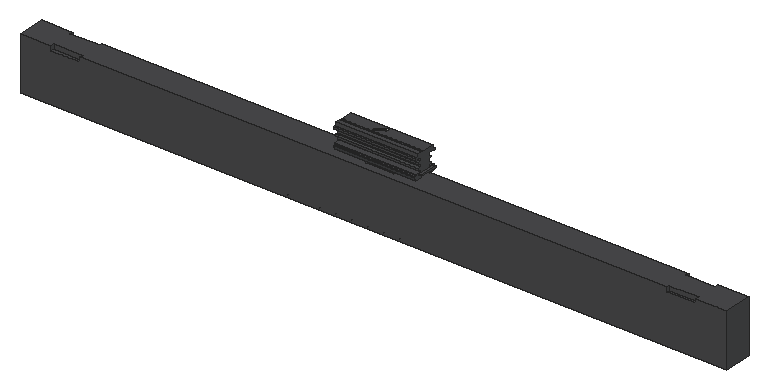
Revit family "DOT SINGLE HEAD RAIL 964_DTM40W9.5.24", category Luminarias, Revit 2019
Family settings
  Cota de conector redondo = Diámetro de uso
  Tipo de pieza = Normal
  Se basa en plano de trabajo = Sí
  Siempre vertical = Sí
  Corte con vacíos al cargar = No
  Origen de luz = Sí
  Compartido = No
  Punto de cálculo de habitación = No
Parameters (values of type "DOT SINGLE HEAD RAIL 964_DTM40W9.5.24")
  Ángulo de inclinación = 60.00°
  Zone [instance] = ""
  Watt per fixture = 40
  Wattage = 40 W
  built-in parameter 1150107 = 3000 (stored number, unit not read)
  built-in parameter 1150110 = 1 (stored number, unit not read)
  built-in parameter 1150109 = 1 (stored number, unit not read)
  built-in parameter 1150112 = 1 (stored number, unit not read)
  built-in parameter 1150113 = 1 (stored number, unit not read)
  built-in parameter 1114218 = 1 (stored number, unit not read)
  Keynote = ""
  built-in parameter 1150137 = (empty or 0)
  built-in parameter 1150132 = (empty or 0)
  Modelo = "DTM40W9.5.24"
  Lámpara = "3030SMD PHILIPS"
  built-in parameter 1150105 = 257.83 (stored number, unit not read)
  built-in parameter 1150102 = (empty or 0)
  built-in parameter 1150106 = 2.5783 (stored number, unit not read)
  Lumens = 3240 lm
  Color Filter = 16777215
  built-in parameter 1114217 = 1 (stored number, unit not read)
  built-in parameter 1150139 = (empty or 0)
  Fabricante = "BRILLANT"
  Default Elevation = 1219.2 mm
  built-in parameter 1150104 = 7.5251 (stored number, unit not read)
  Descripción = "LUMINARIA DOWNLIGHT EN FORMATO RECTANGULAR COMPATIBLE CON RIEL DE 6 ENTRADAS Y 3 CIRCUITOS CON CABEZAL PARA PODER DIRIGIR LA LUMINARIA HASTA 30 GRADOS, CUERPO DE ALUMINIO ACABADO EN COLOR NEGRO, IP 20, PESO 2.16Kg, TIPO DE LED 3030SMD PHILIPS CON 40W TOTAL, 3150 LUMENES, 81LM/W, IRC 90, TEMPERATURA EN BLANCO CALIDO 3000K, 50 MIL HORAS DE VIDA PROMEDIO, APERTURA DE 24 GRADOS EN STOCK, ALIMENTADO A 90-240V"
  built-in parameter 1150115 = 1 (stored number, unit not read)
  built-in parameter 1150114 = 1 (stored number, unit not read)
  Comentarios de vataje = "90-240V"
  built-in parameter 1150138 = (empty or 0)
  built-in parameter 1150134 = (empty or 0)
  Circuit [instance] = ""
  Dimming Lamp Color Temperature Shift = (empty or 0)
  Archivo de red fotométrica = "L964A-40W-830-B-24_IESNA95.IES"
  built-in parameter 1150133 = 10 (stored number, unit not read)
Reference planes
  plane 1 "Centro (Frontal/Posterior)": y = 0
  plane 2: z = 0
  plane 3 "Centro (Izquierda/Derecha)": x = 0
Forms (mm)
  Extrusion 1, solid, material "Default Form"
    sketch origin (0, 0, 0) x (1, 0, 0) y (0, 0, 1)
      loop
        line (-482, 0) -> (-482, -72) -> (482, -72) -> (482, 0) -> (-482, 0)
    from -18.326 to 18.326
  Blend 2, void
    base sketch origin (0, 0, 0) x (1, 0, 0) y (0, 1, 0)
      loop
        line (-162, 16.149) -> (-162, -16.149) -> (-144.14, -16.149) -> (-144.14, 16.149) -> (-162, 16.149)
    top sketch origin (0, 0, 0) x (1, 0, 0) y (0, 1, 0)
      loop
        line (-160, 12.149) -> (-160, -12.149) -> (-146.14, -12.149) -> (-146.14, 12.149) -> (-160, 12.149)
    from -72 to -61.591
  Blend 3, void
    base sketch origin (21.86, 0, 0) x (1, 0, 0) y (0, 1, 0)
      loop
        line (-162, 16.149) -> (-162, -16.149) -> (-144.14, -16.149) -> (-144.14, 16.149) -> (-162, 16.149)
    top sketch origin (21.86, 0, 0) x (1, 0, 0) y (0, 1, 0)
      loop
        line (-160, 12.149) -> (-160, -12.149) -> (-146.14, -12.149) -> (-146.14, 12.149) -> (-160, 12.149)
    from -72 to -61.591
  Blend 4, void
    base sketch origin (43.72, 0, 0) x (1, 0, 0) y (0, 1, 0)
      loop
        line (-162, 16.149) -> (-162, -16.149) -> (-144.14, -16.149) -> (-144.14, 16.149) -> (-162, 16.149)
    top sketch origin (43.72, 0, 0) x (1, 0, 0) y (0, 1, 0)
      loop
        line (-160, 12.149) -> (-160, -12.149) -> (-146.14, -12.149) -> (-146.14, 12.149) -> (-160, 12.149)
    from -72 to -61.591
  Blend 5, void
    base sketch origin (65.58, 0, 0) x (1, 0, 0) y (0, 1, 0)
      loop
        line (-162, 16.149) -> (-162, -16.149) -> (-144.14, -16.149) -> (-144.14, 16.149) -> (-162, 16.149)
    top sketch origin (65.58, 0, 0) x (1, 0, 0) y (0, 1, 0)
      loop
        line (-160, 12.149) -> (-160, -12.149) -> (-146.14, -12.149) -> (-146.14, 12.149) -> (-160, 12.149)
    from -72 to -61.591
  Blend 6, void
    base sketch origin (87.44, 0, 0) x (1, 0, 0) y (0, 1, 0)
      loop
        line (-162, 16.149) -> (-162, -16.149) -> (-144.14, -16.149) -> (-144.14, 16.149) -> (-162, 16.149)
    top sketch origin (87.44, 0, 0) x (1, 0, 0) y (0, 1, 0)
      loop
        line (-160, 12.149) -> (-160, -12.149) -> (-146.14, -12.149) -> (-146.14, 12.149) -> (-160, 12.149)
    from -72 to -61.591
  Blend 7, void
    base sketch origin (109.3, 0, 0) x (1, 0, 0) y (0, 1, 0)
      loop
        line (-162, 16.149) -> (-162, -16.149) -> (-144.14, -16.149) -> (-144.14, 16.149) -> (-162, 16.149)
    top sketch origin (109.3, 0, 0) x (1, 0, 0) y (0, 1, 0)
      loop
        line (-160, 12.149) -> (-160, -12.149) -> (-146.14, -12.149) -> (-146.14, 12.149) -> (-160, 12.149)
    from -72 to -61.591
  Blend 8, void
    base sketch origin (131.16, 0, 0) x (1, 0, 0) y (0, 1, 0)
      loop
        line (-162, 16.149) -> (-162, -16.149) -> (-144.14, -16.149) -> (-144.14, 16.149) -> (-162, 16.149)
    top sketch origin (131.16, 0, 0) x (1, 0, 0) y (0, 1, 0)
      loop
        line (-160, 12.149) -> (-160, -12.149) -> (-146.14, -12.149) -> (-146.14, 12.149) -> (-160, 12.149)
    from -72 to -61.591
  Blend 9, void
    base sketch origin (153.02, 0, 0) x (1, 0, 0) y (0, 1, 0)
      loop
        line (-162, 16.149) -> (-162, -16.149) -> (-144.14, -16.149) -> (-144.14, 16.149) -> (-162, 16.149)
    top sketch origin (153.02, 0, 0) x (1, 0, 0) y (0, 1, 0)
      loop
        line (-160, 12.149) -> (-160, -12.149) -> (-146.14, -12.149) -> (-146.14, 12.149) -> (-160, 12.149)
    from -72 to -61.591
  Blend 10, void
    base sketch origin (174.88, 0, 0) x (1, 0, 0) y (0, 1, 0)
      loop
        line (-162, 16.149) -> (-162, -16.149) -> (-144.14, -16.149) -> (-144.14, 16.149) -> (-162, 16.149)
    top sketch origin (174.88, 0, 0) x (1, 0, 0) y (0, 1, 0)
      loop
        line (-160, 12.149) -> (-160, -12.149) -> (-146.14, -12.149) -> (-146.14, 12.149) -> (-160, 12.149)
    from -72 to -61.591
  Blend 11, void
    base sketch origin (196.74, 0, 0) x (1, 0, 0) y (0, 1, 0)
      loop
        line (-162, 16.149) -> (-162, -16.149) -> (-144.14, -16.149) -> (-144.14, 16.149) -> (-162, 16.149)
    top sketch origin (196.74, 0, 0) x (1, 0, 0) y (0, 1, 0)
      loop
        line (-160, 12.149) -> (-160, -12.149) -> (-146.14, -12.149) -> (-146.14, 12.149) -> (-160, 12.149)
    from -72 to -61.591
  Blend 12, void
    base sketch origin (218.6, 0, 0) x (1, 0, 0) y (0, 1, 0)
      loop
        line (-162, 16.149) -> (-162, -16.149) -> (-144.14, -16.149) -> (-144.14, 16.149) -> (-162, 16.149)
    top sketch origin (218.6, 0, 0) x (1, 0, 0) y (0, 1, 0)
      loop
        line (-160, 12.149) -> (-160, -12.149) -> (-146.14, -12.149) -> (-146.14, 12.149) -> (-160, 12.149)
    from -72 to -61.591
  Blend 13, void
    base sketch origin (240.46, 0, 0) x (1, 0, 0) y (0, 1, 0)
      loop
        line (-162, 16.149) -> (-162, -16.149) -> (-144.14, -16.149) -> (-144.14, 16.149) -> (-162, 16.149)
    top sketch origin (240.46, 0, 0) x (1, 0, 0) y (0, 1, 0)
      loop
        line (-160, 12.149) -> (-160, -12.149) -> (-146.14, -12.149) -> (-146.14, 12.149) -> (-160, 12.149)
    from -72 to -61.591
  Blend 14, void
    base sketch origin (262.32, 0, 0) x (1, 0, 0) y (0, 1, 0)
      loop
        line (-162, 16.149) -> (-162, -16.149) -> (-144.14, -16.149) -> (-144.14, 16.149) -> (-162, 16.149)
    top sketch origin (262.32, 0, 0) x (1, 0, 0) y (0, 1, 0)
      loop
        line (-160, 12.149) -> (-160, -12.149) -> (-146.14, -12.149) -> (-146.14, 12.149) -> (-160, 12.149)
    from -72 to -61.591
  Blend 15, void
    base sketch origin (284.18, 0, 0) x (1, 0, 0) y (0, 1, 0)
      loop
        line (-162, 16.149) -> (-162, -16.149) -> (-144.14, -16.149) -> (-144.14, 16.149) -> (-162, 16.149)
    top sketch origin (284.18, 0, 0) x (1, 0, 0) y (0, 1, 0)
      loop
        line (-160, 12.149) -> (-160, -12.149) -> (-146.14, -12.149) -> (-146.14, 12.149) -> (-160, 12.149)
    from -72 to -61.591
  Blend 16, void
    base sketch origin (306.04, 0, 0) x (1, 0, 0) y (0, 1, 0)
      loop
        line (-162, 16.149) -> (-162, -16.149) -> (-144.14, -16.149) -> (-144.14, 16.149) -> (-162, 16.149)
    top sketch origin (306.04, 0, 0) x (1, 0, 0) y (0, 1, 0)
      loop
        line (-160, 12.149) -> (-160, -12.149) -> (-146.14, -12.149) -> (-146.14, 12.149) -> (-160, 12.149)
    from -72 to -61.591
  Extrusion 17, solid, material "Default Form"
    sketch origin (-55.628, 0, 7.5) x (0, 1, 0) y (0, 0, 1)
      loop
        line (-7.273, 1.74) -> (7.273, 1.74) -> (7.273, 0) -> (15.231, 0) -> (17.006, 4.494) -> (15.021, 4.494) -> (14.058, 5.868) -> (14.058, 7.166) -> (6.473, 7.166) -> (6.473, 9.324) -> (10.169, 10.163) -> (10.169, 12.464) -> (6.473, 13.302) -> (6.473, 16.66) -> (10.169, 17.499) -> (10.169, 19.8) -> (6.473, 20.638) -> (6.473, 25.016) -> (13.839, 25.016) -> (14.514, 24.341) -> (15.775, 24.341) -> (15.775, 27.171) -> (14.73, 27.171) -> (14.058, 26.499) -> (6.473, 26.499) -> (6.473, 27.299) -> (12.377, 27.299) -> (12.377, 31.471) -> (-2.744, 31.471) -> (-2.744, 30.671) -> (-5.514, 30.671) -> (-5.514, 31.471) -> (-12.377, 31.471) -> (-12.377, 27.299) -> (-6.473, 27.299) -> (-6.473, 26.499) -> (-14.058, 26.499) -> (-14.73, 27.171) -> (-15.775, 27.171) -> (-15.775, 24.341) -> (-14.514, 24.341) -> (-13.839, 25.016) -> (-6.473, 25.016) -> (-6.473, 20.638) -> (-10.169, 19.8) -> (-10.169, 17.499) -> (-6.473, 16.66) -> (-6.473, 13.302) -> (-10.169, 12.464) -> (-10.169, 10.163) -> (-6.473, 9.324) -> (-6.473, 7.166) -> (-14.058, 7.166) -> (-14.058, 5.868) -> (-15.021, 4.494) -> (-17.006, 4.494) -> (-15.231, 0) -> (-7.273, 0) -> (-7.273, 1.74)
    from 0 to 111.256
  Extrusion 18, solid, material "Default Form"
    sketch origin (0, 0, 0) x (1, 0, 0) y (0, 1, 0)
      loop
        line (-19.12, 6.873) -> (-19.12, -6.873) -> (19.12, -6.873) -> (19.12, 6.873) -> (-19.12, 6.873)
    from 0 to 2.67
  Extrusion 19, solid, material "Default Form"
    sketch origin (0, 0, 0) x (1, 0, 0) y (0, 1, 0)
      loop
        line (-10.93, 3.188) -> (-10.93, -3.188) -> (10.93, -3.188) -> (10.93, 3.188) -> (-10.93, 3.188)
    from 2.67 to 7.5
  Extrusion 20, void
    sketch origin (0, 0, 0) x (1, 0, 0) y (0, 1, 0)
      loop
        line (-400.28, 18.326) -> (-440, 18.326) -> (-440, 14.276) -> (-400.28, 14.276) -> (-400.28, 18.326)
      loop
        line (-440, -18.326) -> (-400.28, -18.326) -> (-400.28, -14.276) -> (-440, -14.276) -> (-440, -18.326)
      loop
        line (400.28, 18.326) -> (400.28, 14.276) -> (440, 14.276) -> (440, 18.326) -> (400.28, 18.326)
      loop
        line (440, -18.326) -> (440, -14.276) -> (400.28, -14.276) -> (400.28, -18.326) -> (440, -18.326)
    from -6.015 to 0
  Extrusion 21, solid, material "Acero Inoxidable"
    sketch origin (0, -1.594, 0) x (1, 0, 0) y (0, 0, -1)
      loop
        line (-15, -38.971) -> (3.794, -45.811) -> (4.341, -44.308) -> (3.589, -44.034) -> (3.316, -44.786) -> (-12.661, -38.971) -> (-15, -38.971)
    from 0 to 3.188
  Extrusion 22, solid, material "Default Form"
    sketch origin (0, 0, 0) x (1, 0, 0) y (0, 1, 0)
      loop
        line (-55.628, 6.473) -> (-66.331, 6.473) -> (-66.331, 0) -> (-55.628, 0) -> (-55.628, 6.473)
      loop
        line (55.628, 12.377) -> (55.628, -12.149) -> (60.628, -12.149) -> (60.628, 12.377) -> (55.628, 12.377)
    from 13.368 to 15
  Blend 23, void
    base sketch origin (-87.44, 0, 0) x (1, 0, 0) y (0, 1, 0)
      loop
        line (-162, 16.149) -> (-162, -16.149) -> (-144.14, -16.149) -> (-144.14, 16.149) -> (-162, 16.149)
    top sketch origin (-87.44, 0, 0) x (1, 0, 0) y (0, 1, 0)
      loop
        line (-160, 12.149) -> (-160, -12.149) -> (-146.14, -12.149) -> (-146.14, 12.149) -> (-160, 12.149)
    from -72 to -61.591
  Blend 24, void
    base sketch origin (-65.58, 0, 0) x (1, 0, 0) y (0, 1, 0)
      loop
        line (-162, 16.149) -> (-162, -16.149) -> (-144.14, -16.149) -> (-144.14, 16.149) -> (-162, 16.149)
    top sketch origin (-65.58, 0, 0) x (1, 0, 0) y (0, 1, 0)
      loop
        line (-160, 12.149) -> (-160, -12.149) -> (-146.14, -12.149) -> (-146.14, 12.149) -> (-160, 12.149)
    from -72 to -61.591
  Blend 25, void
    base sketch origin (-43.72, 0, 0) x (1, 0, 0) y (0, 1, 0)
      loop
        line (-162, 16.149) -> (-162, -16.149) -> (-144.14, -16.149) -> (-144.14, 16.149) -> (-162, 16.149)
    top sketch origin (-43.72, 0, 0) x (1, 0, 0) y (0, 1, 0)
      loop
        line (-160, 12.149) -> (-160, -12.149) -> (-146.14, -12.149) -> (-146.14, 12.149) -> (-160, 12.149)
    from -72 to -61.591
  Blend 26, void
    base sketch origin (-21.86, 0, 0) x (1, 0, 0) y (0, 1, 0)
      loop
        line (-162, 16.149) -> (-162, -16.149) -> (-144.14, -16.149) -> (-144.14, 16.149) -> (-162, 16.149)
    top sketch origin (-21.86, 0, 0) x (1, 0, 0) y (0, 1, 0)
      loop
        line (-160, 12.149) -> (-160, -12.149) -> (-146.14, -12.149) -> (-146.14, 12.149) -> (-160, 12.149)
    from -72 to -61.591
  Blend 27, void
    base sketch origin (-109.3, 0, 0) x (1, 0, 0) y (0, 1, 0)
      loop
        line (-162, 16.149) -> (-162, -16.149) -> (-144.14, -16.149) -> (-144.14, 16.149) -> (-162, 16.149)
    top sketch origin (-109.3, 0, 0) x (1, 0, 0) y (0, 1, 0)
      loop
        line (-160, 12.149) -> (-160, -12.149) -> (-146.14, -12.149) -> (-146.14, 12.149) -> (-160, 12.149)
    from -72 to -61.591
  Blend 28, void
    base sketch origin (327.9, 0, 0) x (1, 0, 0) y (0, 1, 0)
      loop
        line (-162, 16.149) -> (-162, -16.149) -> (-144.14, -16.149) -> (-144.14, 16.149) -> (-162, 16.149)
    top sketch origin (327.9, 0, 0) x (1, 0, 0) y (0, 1, 0)
      loop
        line (-160, 12.149) -> (-160, -12.149) -> (-146.14, -12.149) -> (-146.14, 12.149) -> (-160, 12.149)
    from -72 to -61.591
  Blend 29, void
    base sketch origin (349.76, 0, 0) x (1, 0, 0) y (0, 1, 0)
      loop
        line (-162, 16.149) -> (-162, -16.149) -> (-144.14, -16.149) -> (-144.14, 16.149) -> (-162, 16.149)
    top sketch origin (349.76, 0, 0) x (1, 0, 0) y (0, 1, 0)
      loop
        line (-160, 12.149) -> (-160, -12.149) -> (-146.14, -12.149) -> (-146.14, 12.149) -> (-160, 12.149)
    from -72 to -61.591
  Blend 30, void
    base sketch origin (371.62, 0, 0) x (1, 0, 0) y (0, 1, 0)
      loop
        line (-162, 16.149) -> (-162, -16.149) -> (-144.14, -16.149) -> (-144.14, 16.149) -> (-162, 16.149)
    top sketch origin (371.62, 0, 0) x (1, 0, 0) y (0, 1, 0)
      loop
        line (-160, 12.149) -> (-160, -12.149) -> (-146.14, -12.149) -> (-146.14, 12.149) -> (-160, 12.149)
    from -72 to -61.591
  Blend 31, void
    base sketch origin (393.48, 0, 0) x (1, 0, 0) y (0, 1, 0)
      loop
        line (-162, 16.149) -> (-162, -16.149) -> (-144.14, -16.149) -> (-144.14, 16.149) -> (-162, 16.149)
    top sketch origin (393.48, 0, 0) x (1, 0, 0) y (0, 1, 0)
      loop
        line (-160, 12.149) -> (-160, -12.149) -> (-146.14, -12.149) -> (-146.14, 12.149) -> (-160, 12.149)
    from -72 to -61.591
  Blend 32, void
    base sketch origin (415.34, 0, 0) x (1, 0, 0) y (0, 1, 0)
      loop
        line (-162, 16.149) -> (-162, -16.149) -> (-144.14, -16.149) -> (-144.14, 16.149) -> (-162, 16.149)
    top sketch origin (415.34, 0, 0) x (1, 0, 0) y (0, 1, 0)
      loop
        line (-160, 12.149) -> (-160, -12.149) -> (-146.14, -12.149) -> (-146.14, 12.149) -> (-160, 12.149)
    from -72 to -61.591
  Blend 33, void
    base sketch origin (-196.74, 0, 0) x (1, 0, 0) y (0, 1, 0)
      loop
        line (-162, 16.149) -> (-162, -16.149) -> (-144.14, -16.149) -> (-144.14, 16.149) -> (-162, 16.149)
    top sketch origin (-196.74, 0, 0) x (1, 0, 0) y (0, 1, 0)
      loop
        line (-160, 12.149) -> (-160, -12.149) -> (-146.14, -12.149) -> (-146.14, 12.149) -> (-160, 12.149)
    from -72 to -61.591
  Blend 34, void
    base sketch origin (-174.88, 0, 0) x (1, 0, 0) y (0, 1, 0)
      loop
        line (-162, 16.149) -> (-162, -16.149) -> (-144.14, -16.149) -> (-144.14, 16.149) -> (-162, 16.149)
    top sketch origin (-174.88, 0, 0) x (1, 0, 0) y (0, 1, 0)
      loop
        line (-160, 12.149) -> (-160, -12.149) -> (-146.14, -12.149) -> (-146.14, 12.149) -> (-160, 12.149)
    from -72 to -61.591
  Blend 35, void
    base sketch origin (-153.02, 0, 0) x (1, 0, 0) y (0, 1, 0)
      loop
        line (-162, 16.149) -> (-162, -16.149) -> (-144.14, -16.149) -> (-144.14, 16.149) -> (-162, 16.149)
    top sketch origin (-153.02, 0, 0) x (1, 0, 0) y (0, 1, 0)
      loop
        line (-160, 12.149) -> (-160, -12.149) -> (-146.14, -12.149) -> (-146.14, 12.149) -> (-160, 12.149)
    from -72 to -61.591
  Blend 36, void
    base sketch origin (-131.16, 0, 0) x (1, 0, 0) y (0, 1, 0)
      loop
        line (-162, 16.149) -> (-162, -16.149) -> (-144.14, -16.149) -> (-144.14, 16.149) -> (-162, 16.149)
    top sketch origin (-131.16, 0, 0) x (1, 0, 0) y (0, 1, 0)
      loop
        line (-160, 12.149) -> (-160, -12.149) -> (-146.14, -12.149) -> (-146.14, 12.149) -> (-160, 12.149)
    from -72 to -61.591
  Blend 37, void
    base sketch origin (-218.6, 0, 0) x (1, 0, 0) y (0, 1, 0)
      loop
        line (-162, 16.149) -> (-162, -16.149) -> (-144.14, -16.149) -> (-144.14, 16.149) -> (-162, 16.149)
    top sketch origin (-218.6, 0, 0) x (1, 0, 0) y (0, 1, 0)
      loop
        line (-160, 12.149) -> (-160, -12.149) -> (-146.14, -12.149) -> (-146.14, 12.149) -> (-160, 12.149)
    from -72 to -61.591
  Blend 38, void
    base sketch origin (437.2, 0, 0) x (1, 0, 0) y (0, 1, 0)
      loop
        line (-162, 16.149) -> (-162, -16.149) -> (-144.14, -16.149) -> (-144.14, 16.149) -> (-162, 16.149)
    top sketch origin (437.2, 0, 0) x (1, 0, 0) y (0, 1, 0)
      loop
        line (-160, 12.149) -> (-160, -12.149) -> (-146.14, -12.149) -> (-146.14, 12.149) -> (-160, 12.149)
    from -72 to -61.591
  Blend 39, void
    base sketch origin (459.06, 0, 0) x (1, 0, 0) y (0, 1, 0)
      loop
        line (-162, 16.149) -> (-162, -16.149) -> (-144.14, -16.149) -> (-144.14, 16.149) -> (-162, 16.149)
    top sketch origin (459.06, 0, 0) x (1, 0, 0) y (0, 1, 0)
      loop
        line (-160, 12.149) -> (-160, -12.149) -> (-146.14, -12.149) -> (-146.14, 12.149) -> (-160, 12.149)
    from -72 to -61.591
  Blend 40, void
    base sketch origin (480.92, 0, 0) x (1, 0, 0) y (0, 1, 0)
      loop
        line (-162, 16.149) -> (-162, -16.149) -> (-144.14, -16.149) -> (-144.14, 16.149) -> (-162, 16.149)
    top sketch origin (480.92, 0, 0) x (1, 0, 0) y (0, 1, 0)
      loop
        line (-160, 12.149) -> (-160, -12.149) -> (-146.14, -12.149) -> (-146.14, 12.149) -> (-160, 12.149)
    from -72 to -61.591
  Blend 41, void
    base sketch origin (502.78, 0, 0) x (1, 0, 0) y (0, 1, 0)
      loop
        line (-162, 16.149) -> (-162, -16.149) -> (-144.14, -16.149) -> (-144.14, 16.149) -> (-162, 16.149)
    top sketch origin (502.78, 0, 0) x (1, 0, 0) y (0, 1, 0)
      loop
        line (-160, 12.149) -> (-160, -12.149) -> (-146.14, -12.149) -> (-146.14, 12.149) -> (-160, 12.149)
    from -72 to -61.591
  Blend 42, void
    base sketch origin (524.64, 0, 0) x (1, 0, 0) y (0, 1, 0)
      loop
        line (-162, 16.149) -> (-162, -16.149) -> (-144.14, -16.149) -> (-144.14, 16.149) -> (-162, 16.149)
    top sketch origin (524.64, 0, 0) x (1, 0, 0) y (0, 1, 0)
      loop
        line (-160, 12.149) -> (-160, -12.149) -> (-146.14, -12.149) -> (-146.14, 12.149) -> (-160, 12.149)
    from -72 to -61.591
Cuts and joins
  Blend 2, Blend 3, Blend 4, Blend 5, Blend 6, Blend 7, Blend 8, Blend 9, Blend 10, Blend 11, Blend 12, Blend 13, Blend 14, Blend 15, Blend 16, Extrusion 20, Blend 23, Blend 24, Blend 25, Blend 26, Blend 27, Blend 28, Blend 29, Blend 30, Blend 31, Blend 32, Blend 33, Blend 34, Blend 35, Blend 36, Blend 37, Blend 38, Blend 39, Blend 40, Blend 41, Blend 42 cuts Extrusion 1
Dimensions and locks
  equal spacing: Extrusion 1, plane 1 "Centro (Frontal/Posterior)", Extrusion 1
  Extrusion 1 to plane 1 "Centro (Frontal/Posterior)" = 18.326 mm
  Extrusion 1 to Extrusion 1 = 36.651 mm
  Extrusion 1 to Extrusion 1 = 72 mm
  Extrusion 1 to Extrusion 1 = 964 mm
  cut or joined group 1 (Extrusion 1, Blend 2, Blend 3, Blend 4, Blend 5, Blend 6, Blend 7, Blend 8, Blend 9, Blend 10, Blend 11, Blend 12, Blend 13, Blend 14, Blend 15, Blend 16, Extrusion 20, Blend 23, Blend 24, Blend 25, Blend 26, Blend 27, Blend 28, Blend 29, Blend 30, Blend 31, Blend 32, Blend 33, Blend 34, Blend 35, Blend 36, Blend 37, Blend 38, Blend 39, Blend 40, Blend 41, Blend 42) to cut or joined group 1 = 72 mm
  cut or joined group 1 to cut or joined group 1 = 36.651 mm
  cut or joined group 1 to cut or joined group 1 = 964 mm
  equal spacing: cut or joined group 1, plane 1 "Centro (Frontal/Posterior)", cut or joined group 1
  cut or joined group 1 to cut or joined group 1 = 42 mm
  aligned and locked: level to plane 2
  aligned and locked: Extrusion 19 to Extrusion 17
  aligned and locked: Extrusion 19 to Extrusion 18
Automatic sketch dimensions
  Extrusion 1 sketch curve to level = 0 mm
  Extrusion 1 sketch curve to level = 72 mm
  Extrusion 1 sketch curve to plane 3 "Centro (Izquierda/Derecha)" = 482 mm
  plane 3 "Centro (Izquierda/Derecha)" to Extrusion 1 sketch curve = 482 mm
  Blend 2 sketch curve to plane 1 "Centro (Frontal/Posterior)" = 16.149 mm
  Blend 2 sketch curve to plane 3 "Centro (Izquierda/Derecha)" = 162 mm
  Blend 2 sketch curve to Blend 2 sketch curve = 17.86 mm
  plane 1 "Centro (Frontal/Posterior)" to Blend 2 sketch curve = 16.149 mm
  Blend 2 sketch curve to plane 1 "Centro (Frontal/Posterior)" = 12.149 mm
  Blend 2 sketch curve to plane 3 "Centro (Izquierda/Derecha)" = 160 mm
  Blend 2 sketch curve to Blend 2 sketch curve = 13.86 mm
  plane 1 "Centro (Frontal/Posterior)" to Blend 2 sketch curve = 12.149 mm
  Blend 3 sketch curve to plane 1 "Centro (Frontal/Posterior)" = 16.149 mm
  Blend 3 sketch curve to plane 3 "Centro (Izquierda/Derecha)" = 140.14 mm
  Blend 3 sketch curve to Blend 3 sketch curve = 17.86 mm
  plane 1 "Centro (Frontal/Posterior)" to Blend 3 sketch curve = 16.149 mm
  Blend 3 sketch curve to plane 1 "Centro (Frontal/Posterior)" = 12.149 mm
  Blend 3 sketch curve to plane 3 "Centro (Izquierda/Derecha)" = 138.14 mm
  Blend 3 sketch curve to Blend 3 sketch curve = 13.86 mm
  plane 1 "Centro (Frontal/Posterior)" to Blend 3 sketch curve = 12.149 mm
  Blend 4 sketch curve to plane 1 "Centro (Frontal/Posterior)" = 16.149 mm
  Blend 4 sketch curve to plane 3 "Centro (Izquierda/Derecha)" = 118.28 mm
  Blend 4 sketch curve to Blend 4 sketch curve = 17.86 mm
  plane 1 "Centro (Frontal/Posterior)" to Blend 4 sketch curve = 16.149 mm
  Blend 4 sketch curve to plane 1 "Centro (Frontal/Posterior)" = 12.149 mm
  Blend 4 sketch curve to plane 3 "Centro (Izquierda/Derecha)" = 116.28 mm
  Blend 4 sketch curve to Blend 4 sketch curve = 13.86 mm
  plane 1 "Centro (Frontal/Posterior)" to Blend 4 sketch curve = 12.149 mm
  Blend 5 sketch curve to plane 1 "Centro (Frontal/Posterior)" = 16.149 mm
  Blend 5 sketch curve to plane 3 "Centro (Izquierda/Derecha)" = 96.42 mm
  Blend 5 sketch curve to Blend 5 sketch curve = 17.86 mm
  plane 1 "Centro (Frontal/Posterior)" to Blend 5 sketch curve = 16.149 mm
  Blend 5 sketch curve to plane 1 "Centro (Frontal/Posterior)" = 12.149 mm
  Blend 5 sketch curve to plane 3 "Centro (Izquierda/Derecha)" = 94.42 mm
  Blend 5 sketch curve to Blend 5 sketch curve = 13.86 mm
  plane 1 "Centro (Frontal/Posterior)" to Blend 5 sketch curve = 12.149 mm
  Blend 6 sketch curve to plane 1 "Centro (Frontal/Posterior)" = 16.149 mm
  Blend 6 sketch curve to plane 3 "Centro (Izquierda/Derecha)" = 74.56 mm
  Blend 6 sketch curve to Blend 6 sketch curve = 17.86 mm
  plane 1 "Centro (Frontal/Posterior)" to Blend 6 sketch curve = 16.149 mm
  Blend 6 sketch curve to plane 1 "Centro (Frontal/Posterior)" = 12.149 mm
  Blend 6 sketch curve to plane 3 "Centro (Izquierda/Derecha)" = 72.56 mm
  Blend 6 sketch curve to Blend 6 sketch curve = 13.86 mm
  plane 1 "Centro (Frontal/Posterior)" to Blend 6 sketch curve = 12.149 mm
  Blend 7 sketch curve to plane 1 "Centro (Frontal/Posterior)" = 16.149 mm
  Blend 7 sketch curve to plane 3 "Centro (Izquierda/Derecha)" = 52.7 mm
  Blend 7 sketch curve to Blend 7 sketch curve = 17.86 mm
  plane 1 "Centro (Frontal/Posterior)" to Blend 7 sketch curve = 16.149 mm
  Blend 7 sketch curve to plane 1 "Centro (Frontal/Posterior)" = 12.149 mm
  Blend 7 sketch curve to plane 3 "Centro (Izquierda/Derecha)" = 50.7 mm
  Blend 7 sketch curve to Blend 7 sketch curve = 13.86 mm
  plane 1 "Centro (Frontal/Posterior)" to Blend 7 sketch curve = 12.149 mm
  Blend 8 sketch curve to plane 3 "Centro (Izquierda/Derecha)" = 30.84 mm
  Blend 8 sketch curve to plane 3 "Centro (Izquierda/Derecha)" = 12.98 mm
  plane 1 "Centro (Frontal/Posterior)" to Blend 8 sketch curve = 16.149 mm
  Blend 8 sketch curve to plane 1 "Centro (Frontal/Posterior)" = 16.149 mm
  Blend 8 sketch curve to plane 1 "Centro (Frontal/Posterior)" = 12.149 mm
  Blend 8 sketch curve to plane 3 "Centro (Izquierda/Derecha)" = 28.84 mm
  Blend 8 sketch curve to Blend 8 sketch curve = 13.86 mm
  plane 1 "Centro (Frontal/Posterior)" to Blend 8 sketch curve = 12.149 mm
  Blend 9 sketch curve to plane 3 "Centro (Izquierda/Derecha)" = 8.98 mm
  plane 3 "Centro (Izquierda/Derecha)" to Blend 9 sketch curve = 8.88 mm
  plane 1 "Centro (Frontal/Posterior)" to Blend 9 sketch curve = 16.149 mm
  Blend 9 sketch curve to plane 1 "Centro (Frontal/Posterior)" = 16.149 mm
  Blend 9 sketch curve to plane 3 "Centro (Izquierda/Derecha)" = 6.98 mm
  plane 3 "Centro (Izquierda/Derecha)" to Blend 9 sketch curve = 6.88 mm
  plane 1 "Centro (Frontal/Posterior)" to Blend 9 sketch curve = 12.149 mm
  Blend 9 sketch curve to plane 1 "Centro (Frontal/Posterior)" = 12.149 mm
  plane 3 "Centro (Izquierda/Derecha)" to Blend 10 sketch curve = 12.88 mm
  Blend 10 sketch curve to Blend 10 sketch curve = 17.86 mm
  plane 1 "Centro (Frontal/Posterior)" to Blend 10 sketch curve = 16.149 mm
  Blend 10 sketch curve to plane 1 "Centro (Frontal/Posterior)" = 16.149 mm
  plane 3 "Centro (Izquierda/Derecha)" to Blend 10 sketch curve = 14.88 mm
  Blend 10 sketch curve to Blend 10 sketch curve = 13.86 mm
  plane 1 "Centro (Frontal/Posterior)" to Blend 10 sketch curve = 12.149 mm
  Blend 10 sketch curve to plane 1 "Centro (Frontal/Posterior)" = 12.149 mm
  Blend 11 sketch curve to plane 1 "Centro (Frontal/Posterior)" = 16.149 mm
  plane 3 "Centro (Izquierda/Derecha)" to Blend 11 sketch curve = 34.74 mm
  Blend 11 sketch curve to Blend 11 sketch curve = 17.86 mm
  plane 1 "Centro (Frontal/Posterior)" to Blend 11 sketch curve = 16.149 mm
  Blend 11 sketch curve to plane 1 "Centro (Frontal/Posterior)" = 12.149 mm
  plane 3 "Centro (Izquierda/Derecha)" to Blend 11 sketch curve = 36.74 mm
  Blend 11 sketch curve to Blend 11 sketch curve = 13.86 mm
  plane 1 "Centro (Frontal/Posterior)" to Blend 11 sketch curve = 12.149 mm
  Blend 12 sketch curve to plane 1 "Centro (Frontal/Posterior)" = 16.149 mm
  plane 3 "Centro (Izquierda/Derecha)" to Blend 12 sketch curve = 56.6 mm
  Blend 12 sketch curve to Blend 12 sketch curve = 17.86 mm
  plane 1 "Centro (Frontal/Posterior)" to Blend 12 sketch curve = 16.149 mm
  Blend 12 sketch curve to plane 1 "Centro (Frontal/Posterior)" = 12.149 mm
  plane 3 "Centro (Izquierda/Derecha)" to Blend 12 sketch curve = 58.6 mm
  Blend 12 sketch curve to Blend 12 sketch curve = 13.86 mm
  plane 1 "Centro (Frontal/Posterior)" to Blend 12 sketch curve = 12.149 mm
  Blend 13 sketch curve to plane 1 "Centro (Frontal/Posterior)" = 16.149 mm
  plane 3 "Centro (Izquierda/Derecha)" to Blend 13 sketch curve = 78.46 mm
  Blend 13 sketch curve to Blend 13 sketch curve = 17.86 mm
  plane 1 "Centro (Frontal/Posterior)" to Blend 13 sketch curve = 16.149 mm
  Blend 13 sketch curve to plane 1 "Centro (Frontal/Posterior)" = 12.149 mm
  plane 3 "Centro (Izquierda/Derecha)" to Blend 13 sketch curve = 80.46 mm
  Blend 13 sketch curve to Blend 13 sketch curve = 13.86 mm
  plane 1 "Centro (Frontal/Posterior)" to Blend 13 sketch curve = 12.149 mm
  Blend 14 sketch curve to plane 1 "Centro (Frontal/Posterior)" = 16.149 mm
  plane 3 "Centro (Izquierda/Derecha)" to Blend 14 sketch curve = 100.32 mm
  Blend 14 sketch curve to Blend 14 sketch curve = 17.86 mm
  plane 1 "Centro (Frontal/Posterior)" to Blend 14 sketch curve = 16.149 mm
  Blend 14 sketch curve to plane 1 "Centro (Frontal/Posterior)" = 12.149 mm
  plane 3 "Centro (Izquierda/Derecha)" to Blend 14 sketch curve = 102.32 mm
  Blend 14 sketch curve to Blend 14 sketch curve = 13.86 mm
  plane 1 "Centro (Frontal/Posterior)" to Blend 14 sketch curve = 12.149 mm
  Blend 15 sketch curve to plane 1 "Centro (Frontal/Posterior)" = 16.149 mm
  plane 3 "Centro (Izquierda/Derecha)" to Blend 15 sketch curve = 122.18 mm
  Blend 15 sketch curve to Blend 15 sketch curve = 17.86 mm
  plane 1 "Centro (Frontal/Posterior)" to Blend 15 sketch curve = 16.149 mm
  Blend 15 sketch curve to plane 1 "Centro (Frontal/Posterior)" = 12.149 mm
  plane 3 "Centro (Izquierda/Derecha)" to Blend 15 sketch curve = 124.18 mm
  Blend 15 sketch curve to Blend 15 sketch curve = 13.86 mm
  plane 1 "Centro (Frontal/Posterior)" to Blend 15 sketch curve = 12.149 mm
  Blend 16 sketch curve to plane 1 "Centro (Frontal/Posterior)" = 16.149 mm
  plane 3 "Centro (Izquierda/Derecha)" to Blend 16 sketch curve = 144.04 mm
  Blend 16 sketch curve to Blend 16 sketch curve = 17.86 mm
  plane 1 "Centro (Frontal/Posterior)" to Blend 16 sketch curve = 16.149 mm
  Blend 16 sketch curve to plane 1 "Centro (Frontal/Posterior)" = 12.149 mm
  plane 3 "Centro (Izquierda/Derecha)" to Blend 16 sketch curve = 146.04 mm
  Blend 16 sketch curve to Blend 16 sketch curve = 13.86 mm
  plane 1 "Centro (Frontal/Posterior)" to Blend 16 sketch curve = 12.149 mm
  plane 1 "Centro (Frontal/Posterior)" to Extrusion 17 sketch curve = 17.006 mm
  plane 1 "Centro (Frontal/Posterior)" to Extrusion 17 sketch curve = 15.775 mm
  level to Extrusion 17 sketch curve = 7.5 mm  (x2)
  Extrusion 17 sketch curve to Extrusion 17 sketch curve = 1.775 mm
  Extrusion 17 sketch curve to Extrusion 17 sketch curve = 1.985 mm  (x2)
  Extrusion 17 sketch curve to Extrusion 17 sketch curve = 1.045 mm
  Extrusion 17 sketch curve to Extrusion 17 sketch curve = 1.261 mm  (x2)
  Extrusion 17 sketch curve to Extrusion 17 sketch curve = 0.963 mm  (x2)
  Extrusion 17 sketch curve to Extrusion 17 sketch curve = 0.672 mm  (x4)
  Extrusion 17 sketch curve to Extrusion 17 sketch curve = 0.675 mm  (x3)
  Extrusion 17 sketch curve to Extrusion 17 sketch curve = 2.354 mm
  Extrusion 17 sketch curve to Extrusion 17 sketch curve = 4.345 mm
  Extrusion 17 sketch curve to Extrusion 17 sketch curve = 3.89 mm  (x2)
  plane 1 "Centro (Frontal/Posterior)" to Extrusion 17 sketch curve = 7.273 mm
  Extrusion 17 sketch curve to Extrusion 17 sketch curve = 3.696 mm  (x4)
  Extrusion 17 sketch curve to Extrusion 17 sketch curve = 5.904 mm  (x2)
  Extrusion 17 sketch curve to Extrusion 17 sketch curve = 0 mm  (x3)
  Extrusion 17 sketch curve to Extrusion 17 sketch curve = 0.959 mm
  plane 1 "Centro (Frontal/Posterior)" to Extrusion 17 sketch curve = 2.744 mm
  Extrusion 17 sketch curve to plane 1 "Centro (Frontal/Posterior)" = 6.473 mm  (x2)
  Extrusion 17 sketch curve to Extrusion 17 sketch curve = 0.8 mm  (x3)
  Extrusion 17 sketch curve to Extrusion 17 sketch curve = 1.462 mm
  Extrusion 17 sketch curve to Extrusion 17 sketch curve = 0.22 mm
  Extrusion 17 sketch curve to Extrusion 17 sketch curve = 0.21 mm
  Extrusion 17 sketch curve to Extrusion 17 sketch curve = 1.74 mm
  Extrusion 17 sketch curve to Extrusion 17 sketch curve = 4.494 mm  (x2)
  Extrusion 17 sketch curve to Extrusion 17 sketch curve = 1.375 mm  (x2)
  Extrusion 17 sketch curve to Extrusion 17 sketch curve = 5.426 mm  (x2)
  Extrusion 17 sketch curve to Extrusion 17 sketch curve = 2.158 mm  (x2)
  Extrusion 17 sketch curve to Extrusion 17 sketch curve = 0.839 mm  (x8)
  Extrusion 17 sketch curve to Extrusion 17 sketch curve = 2.301 mm  (x4)
  Extrusion 17 sketch curve to Extrusion 17 sketch curve = 3.358 mm  (x2)
  Extrusion 17 sketch curve to Extrusion 17 sketch curve = 4.541 mm  (x2)
  Extrusion 17 sketch curve to Extrusion 17 sketch curve = 4.378 mm
  Extrusion 17 sketch curve to Extrusion 17 sketch curve = 1.483 mm  (x2)
  Extrusion 17 sketch curve to Extrusion 17 sketch curve = 3.372 mm
  Extrusion 17 sketch curve to Extrusion 17 sketch curve = 4.172 mm  (x2)
  plane 1 "Centro (Frontal/Posterior)" to Extrusion 18 sketch curve = 6.873 mm
  Extrusion 18 sketch curve to plane 3 "Centro (Izquierda/Derecha)" = 19.12 mm
  plane 3 "Centro (Izquierda/Derecha)" to Extrusion 18 sketch curve = 19.12 mm
  Extrusion 18 sketch curve to plane 1 "Centro (Frontal/Posterior)" = 6.873 mm
  plane 1 "Centro (Frontal/Posterior)" to Extrusion 19 sketch curve = 3.188 mm
  Extrusion 19 sketch curve to plane 3 "Centro (Izquierda/Derecha)" = 10.93 mm
  plane 3 "Centro (Izquierda/Derecha)" to Extrusion 19 sketch curve = 10.93 mm
  Extrusion 19 sketch curve to plane 1 "Centro (Frontal/Posterior)" = 3.188 mm
  plane 1 "Centro (Frontal/Posterior)" to Extrusion 20 sketch curve = 18.326 mm  (x2)
  Extrusion 20 sketch curve to plane 3 "Centro (Izquierda/Derecha)" = 440 mm
  Extrusion 20 sketch curve to Extrusion 20 sketch curve = 0 mm  (x4)
  Extrusion 20 sketch curve to Extrusion 20 sketch curve = 39.72 mm  (x2)
  Extrusion 20 sketch curve to plane 1 "Centro (Frontal/Posterior)" = 18.326 mm
  plane 3 "Centro (Izquierda/Derecha)" to Extrusion 20 sketch curve = 400.28 mm
  Extrusion 20 sketch curve to Extrusion 20 sketch curve = 4.049 mm  (x4)
  Extrusion 20 sketch curve to plane 1 "Centro (Frontal/Posterior)" = 14.276 mm
  Extrusion 21 sketch curve to plane 3 "Centro (Izquierda/Derecha)" = 15 mm
  Extrusion 21 sketch curve to Extrusion 21 sketch curve = 2.339 mm
  plane 3 "Centro (Izquierda/Derecha)" to Extrusion 21 sketch curve = 3.316 mm
  Extrusion 21 sketch curve to Extrusion 21 sketch curve = 0.274 mm
  Extrusion 21 sketch curve to Extrusion 21 sketch curve = 0.478 mm
  Extrusion 21 sketch curve to Extrusion 21 sketch curve = 0.752 mm
  level to Extrusion 21 sketch curve = 45.811 mm
  plane 1 "Centro (Frontal/Posterior)" to Extrusion 22 sketch curve = 0 mm
  Extrusion 22 sketch curve to plane 1 "Centro (Frontal/Posterior)" = 6.473 mm
  Extrusion 22 sketch curve to plane 3 "Centro (Izquierda/Derecha)" = 66.331 mm
  Extrusion 22 sketch curve to Extrusion 22 sketch curve = 10.703 mm
  Extrusion 22 sketch curve to plane 1 "Centro (Frontal/Posterior)" = 12.377 mm
  plane 3 "Centro (Izquierda/Derecha)" to Extrusion 22 sketch curve = 55.628 mm
  Extrusion 22 sketch curve to Extrusion 22 sketch curve = 5 mm
  plane 1 "Centro (Frontal/Posterior)" to Extrusion 22 sketch curve = 12.149 mm
  Blend 23 sketch curve to plane 1 "Centro (Frontal/Posterior)" = 16.149 mm
  Blend 23 sketch curve to plane 3 "Centro (Izquierda/Derecha)" = 249.44 mm
  Blend 23 sketch curve to Blend 23 sketch curve = 17.86 mm
  plane 1 "Centro (Frontal/Posterior)" to Blend 23 sketch curve = 16.149 mm
  Blend 23 sketch curve to plane 1 "Centro (Frontal/Posterior)" = 12.149 mm
  Blend 23 sketch curve to plane 3 "Centro (Izquierda/Derecha)" = 247.44 mm
  Blend 23 sketch curve to Blend 23 sketch curve = 13.86 mm
  plane 1 "Centro (Frontal/Posterior)" to Blend 23 sketch curve = 12.149 mm
  Blend 24 sketch curve to plane 1 "Centro (Frontal/Posterior)" = 16.149 mm
  Blend 24 sketch curve to plane 3 "Centro (Izquierda/Derecha)" = 227.58 mm
  Blend 24 sketch curve to Blend 24 sketch curve = 17.86 mm
  plane 1 "Centro (Frontal/Posterior)" to Blend 24 sketch curve = 16.149 mm
  Blend 24 sketch curve to plane 1 "Centro (Frontal/Posterior)" = 12.149 mm
  Blend 24 sketch curve to plane 3 "Centro (Izquierda/Derecha)" = 225.58 mm
  Blend 24 sketch curve to Blend 24 sketch curve = 13.86 mm
  plane 1 "Centro (Frontal/Posterior)" to Blend 24 sketch curve = 12.149 mm
  Blend 25 sketch curve to plane 1 "Centro (Frontal/Posterior)" = 16.149 mm
  Blend 25 sketch curve to plane 3 "Centro (Izquierda/Derecha)" = 205.72 mm
  Blend 25 sketch curve to Blend 25 sketch curve = 17.86 mm
  plane 1 "Centro (Frontal/Posterior)" to Blend 25 sketch curve = 16.149 mm
  Blend 25 sketch curve to plane 1 "Centro (Frontal/Posterior)" = 12.149 mm
  Blend 25 sketch curve to plane 3 "Centro (Izquierda/Derecha)" = 203.72 mm
  Blend 25 sketch curve to Blend 25 sketch curve = 13.86 mm
  plane 1 "Centro (Frontal/Posterior)" to Blend 25 sketch curve = 12.149 mm
  Blend 26 sketch curve to plane 1 "Centro (Frontal/Posterior)" = 16.149 mm
  Blend 26 sketch curve to plane 3 "Centro (Izquierda/Derecha)" = 183.86 mm
  Blend 26 sketch curve to Blend 26 sketch curve = 17.86 mm
  plane 1 "Centro (Frontal/Posterior)" to Blend 26 sketch curve = 16.149 mm
  Blend 26 sketch curve to plane 1 "Centro (Frontal/Posterior)" = 12.149 mm
  Blend 26 sketch curve to plane 3 "Centro (Izquierda/Derecha)" = 181.86 mm
  Blend 26 sketch curve to Blend 26 sketch curve = 13.86 mm
  plane 1 "Centro (Frontal/Posterior)" to Blend 26 sketch curve = 12.149 mm
  Blend 27 sketch curve to plane 1 "Centro (Frontal/Posterior)" = 16.149 mm
  Blend 27 sketch curve to plane 3 "Centro (Izquierda/Derecha)" = 271.3 mm
  Blend 27 sketch curve to Blend 27 sketch curve = 17.86 mm
  plane 1 "Centro (Frontal/Posterior)" to Blend 27 sketch curve = 16.149 mm
  Blend 27 sketch curve to plane 1 "Centro (Frontal/Posterior)" = 12.149 mm
  Blend 27 sketch curve to plane 3 "Centro (Izquierda/Derecha)" = 269.3 mm
  Blend 27 sketch curve to Blend 27 sketch curve = 13.86 mm
  plane 1 "Centro (Frontal/Posterior)" to Blend 27 sketch curve = 12.149 mm
  Blend 28 sketch curve to plane 1 "Centro (Frontal/Posterior)" = 16.149 mm
  plane 3 "Centro (Izquierda/Derecha)" to Blend 28 sketch curve = 165.9 mm
  Blend 28 sketch curve to Blend 28 sketch curve = 17.86 mm
  plane 1 "Centro (Frontal/Posterior)" to Blend 28 sketch curve = 16.149 mm
  Blend 28 sketch curve to plane 1 "Centro (Frontal/Posterior)" = 12.149 mm
  plane 3 "Centro (Izquierda/Derecha)" to Blend 28 sketch curve = 167.9 mm
  Blend 28 sketch curve to Blend 28 sketch curve = 13.86 mm
  plane 1 "Centro (Frontal/Posterior)" to Blend 28 sketch curve = 12.149 mm
  Blend 29 sketch curve to plane 1 "Centro (Frontal/Posterior)" = 16.149 mm
  plane 3 "Centro (Izquierda/Derecha)" to Blend 29 sketch curve = 187.76 mm
  Blend 29 sketch curve to Blend 29 sketch curve = 17.86 mm
  plane 1 "Centro (Frontal/Posterior)" to Blend 29 sketch curve = 16.149 mm
  Blend 29 sketch curve to plane 1 "Centro (Frontal/Posterior)" = 12.149 mm
  plane 3 "Centro (Izquierda/Derecha)" to Blend 29 sketch curve = 189.76 mm
  Blend 29 sketch curve to Blend 29 sketch curve = 13.86 mm
  plane 1 "Centro (Frontal/Posterior)" to Blend 29 sketch curve = 12.149 mm
  Blend 30 sketch curve to plane 1 "Centro (Frontal/Posterior)" = 16.149 mm
  plane 3 "Centro (Izquierda/Derecha)" to Blend 30 sketch curve = 209.62 mm
  Blend 30 sketch curve to Blend 30 sketch curve = 17.86 mm
  plane 1 "Centro (Frontal/Posterior)" to Blend 30 sketch curve = 16.149 mm
  Blend 30 sketch curve to plane 1 "Centro (Frontal/Posterior)" = 12.149 mm
  plane 3 "Centro (Izquierda/Derecha)" to Blend 30 sketch curve = 211.62 mm
  Blend 30 sketch curve to Blend 30 sketch curve = 13.86 mm
  plane 1 "Centro (Frontal/Posterior)" to Blend 30 sketch curve = 12.149 mm
  Blend 31 sketch curve to plane 1 "Centro (Frontal/Posterior)" = 16.149 mm
  plane 3 "Centro (Izquierda/Derecha)" to Blend 31 sketch curve = 231.48 mm
  Blend 31 sketch curve to Blend 31 sketch curve = 17.86 mm
  plane 1 "Centro (Frontal/Posterior)" to Blend 31 sketch curve = 16.149 mm
  Blend 31 sketch curve to plane 1 "Centro (Frontal/Posterior)" = 12.149 mm
  plane 3 "Centro (Izquierda/Derecha)" to Blend 31 sketch curve = 233.48 mm
  Blend 31 sketch curve to Blend 31 sketch curve = 13.86 mm
  plane 1 "Centro (Frontal/Posterior)" to Blend 31 sketch curve = 12.149 mm
  Blend 32 sketch curve to plane 1 "Centro (Frontal/Posterior)" = 16.149 mm
  plane 3 "Centro (Izquierda/Derecha)" to Blend 32 sketch curve = 253.34 mm
  Blend 32 sketch curve to Blend 32 sketch curve = 17.86 mm
  plane 1 "Centro (Frontal/Posterior)" to Blend 32 sketch curve = 16.149 mm
  Blend 32 sketch curve to plane 1 "Centro (Frontal/Posterior)" = 12.149 mm
  plane 3 "Centro (Izquierda/Derecha)" to Blend 32 sketch curve = 255.34 mm
  Blend 32 sketch curve to Blend 32 sketch curve = 13.86 mm
  plane 1 "Centro (Frontal/Posterior)" to Blend 32 sketch curve = 12.149 mm
  Blend 33 sketch curve to plane 1 "Centro (Frontal/Posterior)" = 16.149 mm
  Blend 33 sketch curve to plane 3 "Centro (Izquierda/Derecha)" = 358.74 mm
  Blend 33 sketch curve to Blend 33 sketch curve = 17.86 mm
  plane 1 "Centro (Frontal/Posterior)" to Blend 33 sketch curve = 16.149 mm
  Blend 33 sketch curve to plane 1 "Centro (Frontal/Posterior)" = 12.149 mm
  Blend 33 sketch curve to plane 3 "Centro (Izquierda/Derecha)" = 356.74 mm
  Blend 33 sketch curve to Blend 33 sketch curve = 13.86 mm
  plane 1 "Centro (Frontal/Posterior)" to Blend 33 sketch curve = 12.149 mm
  Blend 34 sketch curve to plane 1 "Centro (Frontal/Posterior)" = 16.149 mm
  Blend 34 sketch curve to plane 3 "Centro (Izquierda/Derecha)" = 336.88 mm
  Blend 34 sketch curve to Blend 34 sketch curve = 17.86 mm
  plane 1 "Centro (Frontal/Posterior)" to Blend 34 sketch curve = 16.149 mm
  Blend 34 sketch curve to plane 1 "Centro (Frontal/Posterior)" = 12.149 mm
  Blend 34 sketch curve to plane 3 "Centro (Izquierda/Derecha)" = 334.88 mm
  Blend 34 sketch curve to Blend 34 sketch curve = 13.86 mm
  plane 1 "Centro (Frontal/Posterior)" to Blend 34 sketch curve = 12.149 mm
  Blend 35 sketch curve to plane 1 "Centro (Frontal/Posterior)" = 16.149 mm
  Blend 35 sketch curve to plane 3 "Centro (Izquierda/Derecha)" = 315.02 mm
  Blend 35 sketch curve to Blend 35 sketch curve = 17.86 mm
  plane 1 "Centro (Frontal/Posterior)" to Blend 35 sketch curve = 16.149 mm
  Blend 35 sketch curve to plane 1 "Centro (Frontal/Posterior)" = 12.149 mm
  Blend 35 sketch curve to plane 3 "Centro (Izquierda/Derecha)" = 313.02 mm
  Blend 35 sketch curve to Blend 35 sketch curve = 13.86 mm
  plane 1 "Centro (Frontal/Posterior)" to Blend 35 sketch curve = 12.149 mm
  Blend 36 sketch curve to plane 1 "Centro (Frontal/Posterior)" = 16.149 mm
  Blend 36 sketch curve to plane 3 "Centro (Izquierda/Derecha)" = 293.16 mm
  Blend 36 sketch curve to Blend 36 sketch curve = 17.86 mm
  plane 1 "Centro (Frontal/Posterior)" to Blend 36 sketch curve = 16.149 mm
  Blend 36 sketch curve to plane 1 "Centro (Frontal/Posterior)" = 12.149 mm
  Blend 36 sketch curve to plane 3 "Centro (Izquierda/Derecha)" = 291.16 mm
  Blend 36 sketch curve to Blend 36 sketch curve = 13.86 mm
  plane 1 "Centro (Frontal/Posterior)" to Blend 36 sketch curve = 12.149 mm
  Blend 37 sketch curve to plane 1 "Centro (Frontal/Posterior)" = 16.149 mm
  Blend 37 sketch curve to plane 3 "Centro (Izquierda/Derecha)" = 380.6 mm
  Blend 37 sketch curve to Blend 37 sketch curve = 17.86 mm
  plane 1 "Centro (Frontal/Posterior)" to Blend 37 sketch curve = 16.149 mm
  Blend 37 sketch curve to plane 1 "Centro (Frontal/Posterior)" = 12.149 mm
  Blend 37 sketch curve to plane 3 "Centro (Izquierda/Derecha)" = 378.6 mm
  Blend 37 sketch curve to Blend 37 sketch curve = 13.86 mm
  plane 1 "Centro (Frontal/Posterior)" to Blend 37 sketch curve = 12.149 mm
  Blend 38 sketch curve to plane 1 "Centro (Frontal/Posterior)" = 16.149 mm
  plane 3 "Centro (Izquierda/Derecha)" to Blend 38 sketch curve = 275.2 mm
  Blend 38 sketch curve to Blend 38 sketch curve = 17.86 mm
  plane 1 "Centro (Frontal/Posterior)" to Blend 38 sketch curve = 16.149 mm
  Blend 38 sketch curve to plane 1 "Centro (Frontal/Posterior)" = 12.149 mm
  plane 3 "Centro (Izquierda/Derecha)" to Blend 38 sketch curve = 277.2 mm
  Blend 38 sketch curve to Blend 38 sketch curve = 13.86 mm
  plane 1 "Centro (Frontal/Posterior)" to Blend 38 sketch curve = 12.149 mm
  Blend 39 sketch curve to plane 1 "Centro (Frontal/Posterior)" = 16.149 mm
  plane 3 "Centro (Izquierda/Derecha)" to Blend 39 sketch curve = 297.06 mm
  Blend 39 sketch curve to Blend 39 sketch curve = 17.86 mm
  plane 1 "Centro (Frontal/Posterior)" to Blend 39 sketch curve = 16.149 mm
  Blend 39 sketch curve to plane 1 "Centro (Frontal/Posterior)" = 12.149 mm
  plane 3 "Centro (Izquierda/Derecha)" to Blend 39 sketch curve = 299.06 mm
  Blend 39 sketch curve to Blend 39 sketch curve = 13.86 mm
  plane 1 "Centro (Frontal/Posterior)" to Blend 39 sketch curve = 12.149 mm
  Blend 40 sketch curve to plane 1 "Centro (Frontal/Posterior)" = 16.149 mm
  plane 3 "Centro (Izquierda/Derecha)" to Blend 40 sketch curve = 318.92 mm
  Blend 40 sketch curve to Blend 40 sketch curve = 17.86 mm
  plane 1 "Centro (Frontal/Posterior)" to Blend 40 sketch curve = 16.149 mm
  Blend 40 sketch curve to plane 1 "Centro (Frontal/Posterior)" = 12.149 mm
  plane 3 "Centro (Izquierda/Derecha)" to Blend 40 sketch curve = 320.92 mm
  Blend 40 sketch curve to Blend 40 sketch curve = 13.86 mm
  plane 1 "Centro (Frontal/Posterior)" to Blend 40 sketch curve = 12.149 mm
  Blend 41 sketch curve to plane 1 "Centro (Frontal/Posterior)" = 16.149 mm
  plane 3 "Centro (Izquierda/Derecha)" to Blend 41 sketch curve = 340.78 mm
  Blend 41 sketch curve to Blend 41 sketch curve = 17.86 mm
  plane 1 "Centro (Frontal/Posterior)" to Blend 41 sketch curve = 16.149 mm
  Blend 41 sketch curve to plane 1 "Centro (Frontal/Posterior)" = 12.149 mm
  plane 3 "Centro (Izquierda/Derecha)" to Blend 41 sketch curve = 342.78 mm
  Blend 41 sketch curve to Blend 41 sketch curve = 13.86 mm
  plane 1 "Centro (Frontal/Posterior)" to Blend 41 sketch curve = 12.149 mm
  Blend 42 sketch curve to plane 1 "Centro (Frontal/Posterior)" = 16.149 mm
  plane 3 "Centro (Izquierda/Derecha)" to Blend 42 sketch curve = 362.64 mm
  Blend 42 sketch curve to Blend 42 sketch curve = 17.86 mm
  plane 1 "Centro (Frontal/Posterior)" to Blend 42 sketch curve = 16.149 mm
  Blend 42 sketch curve to plane 1 "Centro (Frontal/Posterior)" = 12.149 mm
  plane 3 "Centro (Izquierda/Derecha)" to Blend 42 sketch curve = 364.64 mm
  Blend 42 sketch curve to Blend 42 sketch curve = 13.86 mm
  plane 1 "Centro (Frontal/Posterior)" to Blend 42 sketch curve = 12.149 mm
Connectors
  electrical at (0, 0, 0)
    settings: on cut or joined group 1, index 1, voltage 240 V, apparent load 0 VA, apparent load phase1 0 VA, apparent load phase2 0 VA, apparent load phase3 0 VA, power factor 1, load classification "Otro", number of poles 1, system type 31, power factor state 1, is connector primary yes, connector utility no, sub classification motor no, connector description ""
